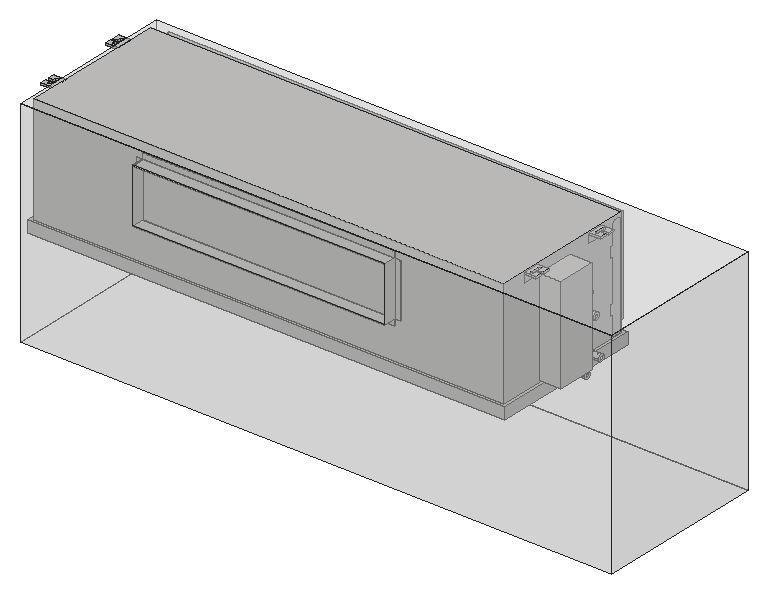
Revit family "outputfile", category 機械設備, Revit 2024
Family settings
  丸型コネクタ寸法 = 半径を使用
  パーツ タイプ = 標準
  OmniClass 番号 = 23.75.10.24.21.27.27
  OmniClass タイトル = Split System Air Conditioning Units
  作業面ベース = いいえ
  常に垂直 = はい
  ロード時にボイドで切り取り = いいえ
  注釈の向きを維持 = いいえ
  共有 = いいえ
  部屋計算ポイント = はい
Parameters (values of type "FDMRN140AXVL9")
  Description = ""
  書き出し IFC クラス(タイプ) = "IfcUnitaryEquipmentType"
  定義済み IFC タイプ(タイプ) = "AIRCONDITIONINGUNIT"
  Cost = 0
  Type Comments = ""
  Keynote = ""
  Type Image = (empty or 0)
  Assembly Code = ""
  switch_frequency = yes
  lw_mountinghole = 19.5 mm  # constant formula
  lw_Supply Duct = 0 mm  # constant formula
  lh_controlbox = 44.5 mm  # constant formula
  lh_Supply Duct = 242.5 mm  # constant formula
  lh_Return Duct = 202.5 mm  # constant formula
  ld_mountinghole = 128.5 mm  # constant formula
  ld_controlbox = 176 mm  # constant formula
  l_powersupply = h_controlbox / 2  # 152 mm
  l_liquidpipe = 22 mm  # constant formula
  l_gaspipe = 39 mm  # constant formula
  l_drainpipe = 39 mm  # constant formula
  w_controlbox = 71 mm  # constant formula
  l_Supply Duct = 39 mm  # constant formula
  l_Return Duct = 40 mm  # constant formula
  h_controlbox = 304 mm  # constant formula
  d2 = 240.5 mm  # constant formula
  connector_voltage = 230 V
  connector_powerinput = [Power Input (Cooling)]  # 6.590 kW
  connector_phase = 1
  d_controlbox = 119.5 mm  # constant formula
  W2 = if(Width = 1569 mm, 1509 mm, 1309 mm)  # 1509 mm
  W1 = if(Width = 1569 mm, 743.5 mm, 643.5 mm)  # 743.5 mm
  W = if(Width = 1569 mm, 754.5 mm, 654.5 mm)  # 754.5 mm
  Voltage_comment_60Hz = "220"
  Voltage_60Hz = 220 V
  URL = ""
  Supply Air Direction [instance] = yes
  製造元 = "Daikin"
  モデル = "FDMRN140AXVL9"
  r_Liquid Pipe Size = Liquid Pipe Size / 2  # 4.75 mm
  r_Gas Pipe Size = Gas Pipe Size / 2  # 9.55 mm
  r_Drain Pipe Size = Drain Pipe Size / 2  # 9.5 mm
  lw_powersupply = C - W1 + 40 mm  # 783.5 mm
  lw_Return Duct = 0 mm  # constant formula
  ld_powersupply = 73 mm  # constant formula
  Sound Power Level_H speed (dB) = 0
  Phase_60Hz = 1
  Minimum External Static Pressure = 0.00 Pa
  Minimum Circuit Amps_60Hz = 0.0 A
  Maximum Fuse Amps_60Hz = 0.0 A
  Maximum External Static Pressure = 0.00 Pa
  Material_Casing = DAIKIN_GalvanizedSteel_Casing_indoorunit
  lw_liquidpipe = C - W1 + l_liquidpipe  # 765.5 mm
  lw_gaspipe = C - W1 + l_gaspipe  # 782.5 mm
  lw_mountinghole_pitch = if(Width = 1569 mm, 1526 mm, 1326 mm)  # 1526 mm
  lw_drainpipe = C - W1 + l_drainpipe  # 782.5 mm
  lh_powersupply = lh_controlbox + h_controlbox / 2  # 196.5 mm
  lh_liquidpipe = 220 mm  # constant formula
  lh_gaspipe = 160 mm  # constant formula
  lh_mountinghole = 376 mm  # constant formula
  lh_drainpipe = 33 mm  # constant formula
  l_antena = Height + 1 mm - lh_mountinghole  # 3 mm
  ld_liquidpipe = 85 mm  # constant formula
  ld_gaspipe = 85 mm  # constant formula
  ld_mountinghole_pitch = 256 mm  # constant formula
  ld_drainpipe = 105 mm  # constant formula
  h*** = 0 mm  # constant formula
  Width = 1569 mm
  Version = "ver.1.0"
  Unit Type = "Duct"
  Unit Mass Weight = 56.00 kg
  Unit Designation [instance] = ""
  Uniclass2015Version = "Products v1.30"
  Uniclass2015Title = "Split coil room air conditioning units"
  Uniclass2015Code = "Pr_70_65_03_86"
  Total Cooling Capacity [instance] = 0.000 kW
  Sound Pressure Level_M speed (dBA) = 50
  Sound Pressure Level_L speed (dBA) = 47
  Sound Pressure Level_H speed (dBA) = 52
  Series = "SkyAir_Fan Coil Unit"
  Sensible Cooling Capacity [instance] = 0.000 kW
  SA Duct Size Width = 797 mm
  SA Duct Size Height = 173 mm
  Refrigerant Type = "R410A"
  RA Duct Size Width = 1436 mm
  RA Duct Size Height = 306 mm
  Power Input (Cooling) = 6.590 kW
  Option Accessory 3 [instance] = ""
  Option Accessory 2 [instance] = ""
  Option Accessory 1 [instance] = ""
  Nominal Cooling Capacity = 16.410 kW
  Minimum Airflow = 2005.00 m³/h
  Median Airflow = 2260.00 m³/h
  Maximum Airflow = 2684.00 m³/h
  Load Classification = HVAC
  Liquid Pipe Size = 9.5 mm
  Link_Nested Family [instance] = ""
  Liquid Pipe_r1 = 4.675 mm  # constant formula
  Liquid Pipe_r = 6.5 mm  # constant formula
  J = 462 mm  # constant formula
  IfcVersion = ""
  IfcExportType = "AIRCONDITIONINGUNIT"
  IfcExportAs = "IfcUnitaryEquipmentType"
  Height = 378 mm
  Heat Exchanger Type = "Cross Fin Coil"
  Gas Pipe Size = 19.1 mm
  Frequency_60Hz = 60 Hz
  Fan Type = "Sirocco Fan"
  Fan Drive = "-"
  FCU Tag No. [instance] = ""
  Drain Pipe Size = 19.0 mm
  Design Supply Airflow [instance] = 0.00 m³/h
  Design Return Airflow [instance] = 0.00 m³/h
  Design External Static Pressure [instance] = 0.00 Pa
  Depth = 541 mm
  既定の高さ = 0 mm
  d1 = 231.5 mm  # constant formula
  D2 = 484 mm  # constant formula
  Cooling Entering Wet Bulb Temperature [instance] = 0.00 °C
  Cooling Entering Dry Bulb Temperature [instance] = 0.00 °C
  Cooling Ambient Wet Bulb Temperature [instance] = 0.00 °C
  Cooling Ambient Dry Bulb Temperature [instance] = 0.00 °C
  Clearance visibility [instance] = yes
  Clearance Top = 0 mm
  Clearance Right = 300 mm
  Clearance Rear = 0 mm
  Clearance Left = 0 mm
  Clearance Front = 0 mm
  Clearance Bottom = 300 mm
  C = if(Width = 1569 mm, 1487 mm, 1287 mm)  # 1487 mm
  A = 36 mm  # constant formula
Reference planes
  plane 1 "Center (Front/Back)": y = 0
  plane 2: z = 0
  plane 3 "Center (Left/Right)": x = 0
  plane 4 "Back": y = 270.5
  plane 5 "Front": y = -270.5
  plane 6 "Left": x = -754.5
  plane 7 "Right": x = 814.5
  plane 8 "Top": z = 0
  plane 9 "Bottom": z = -378
  plane 10 "lh_liquidpipe": z = -158
  plane 11 "lh_gaspipe": z = -218
  plane 12 "lw_mountinghole": x = -763
  plane 13 "lw_mountinghole3": x = 763
  plane 14 "lw_liquidpipe": x = 765.5
  plane 15 "lw_gaspipe": x = 782.5
  plane 16 "lh_mountinghole": z = -2
  plane 17 "Clearance Left": x = -754.5
  plane 18 "Clearance Right": x = 1114.5
  plane 19 "Clearance Rear": y = 270.5
  plane 20 "Clearance Front": y = -270.5
  plane 21 "Clearance Bottom": z = -678
  plane 22 "lh_drainpipe": z = -345
  plane 23 "ld_gaspipe": y = 85
  plane 24 "ld_liquidpipe": y = 85
  plane 25 "ld_drainpipe": y = 105
  plane 26 "lw_drainpipe": x = 782.5
  plane 27 "ld_mountinghole1": y = 127.5
  plane 28 "ld_mountinghole": y = -128.5
  plane 29 "Clearance Top": z = 0
  plane 30 "lh_powersupply": z = -181.5
  plane 31 "ld_powersupply": y = -73
  plane 32 "箱_L": x = -743.5
  plane 33 "箱_R": x = 743.5
  plane 34 "箱_F": y = -231.5
  plane 35 "箱_後": y = 230.5
  plane 36 "A": z = -342
  plane 37: x = 754.5
  plane 38: y = -240.5
  plane 39: y = 243.5
  plane 40: y = 25
  plane 41: y = -94.5
  plane 42 "lh_box": z = -333.5
  plane 43 "lh_box1": z = -29.5
  plane 44 "l-box": x = 814.5
  plane 45 "lw_Supply Duct": x = 0
  plane 46 "lw_Return Duct": x = 0
  plane 47 "lh_Supply Duct": z = -135.5
  plane 48 "lh_Return Duct": z = -175.5
  plane 49 "lw_powersupply": x = 783.5
Forms (mm)
  Extrusion 1, solid, material "DAIKIN_GalvanizedSteel_Casing_indoorunit" <- "Material_Casing"
    sketch origin (0, 0, -342) x (-1, 0, 0) y (0, -1, 0)
      loop
        line (743.5, -230.5) -> (743.5, 231.5) -> (-743.5, 231.5) -> (-743.5, -230.5) -> (743.5, -230.5)
    from 0 to 342
  Extrusion 2, solid, material "DAIKIN_GalvanizedSteel_Casing_indoorunit" <- "Material_Casing"
    sketch origin (0, 0, -378) x (-1, 0, 0) y (0, -1, 0)
      loop
        line (754.5, -243.5) -> (754.5, 240.5) -> (-754.5, 240.5) -> (-754.5, -243.5) -> (754.5, -243.5)
    from 0 to 36
  Extrusion 3, solid, material "DAIKIN_GalvanizedSteel_Casing_indoorunit" <- "Material_Casing"
    sketch origin (0, 0, -333.5) x (-1, 0, 0) y (0, -1, 0)
      loop
        line (-743.5, -25) -> (-743.5, 94.5) -> (-814.5, 94.5) -> (-814.5, -25) -> (-743.5, -25)
    from 0 to 304
  Extrusion 4, solid, material "DAIKIN_GalvanizedSteel_Casing_indoorunit"
    sketch origin (743.5, 1296.25, 1200) x (0, 1, 0) y (0, 0, 1)
      loop
        circle (-1191.25, -1545) r 9.5
      loop
        circle (-1191.25, -1545) r 6.5
    from 0 to 39 <- "l_drainpipe"
  Extrusion 5, solid, material "DAIKIN_GalvanizedSteel_Casing_indoorunit" <- "Material_Casing"
    sketch origin (743.5, 1296.25, 1200) x (0, 1, 0) y (0, 0, 1)
      loop
        circle (-1211.25, -1418) r 9.95
      loop
        circle (-1211.25, -1418) r 6.35
    from 0 to 39 <- "l_gaspipe"
  Extrusion 6, solid, material "DAIKIN_GalvanizedSteel_Casing_indoorunit" <- "Material_Casing"
    sketch origin (743.5, 1296.25, 1200) x (0, 1, 0) y (0, 0, 1)
      loop
        circle (-1211.25, -1358) r 6.5
      loop
        circle (-1211.25, -1358) r 4.675
    from 0 to 22 <- "l_liquidpipe"
  Extrusion 7, solid, material "DAIKIN_GalvanizedSteel_Casing_indoorunit" <- "Material_Casing"
    sketch origin (743.5, 1296.25, 1200) x (0, 1, 0) y (0, 0, 1)
      loop
        arc (-1231.25, -1418) -> (-1211.25, -1438) -> (-1191.25, -1418) r 20
        line (-1191.25, -1418) -> (-1191.25, -1358)
        arc (-1191.25, -1358) -> (-1211.25, -1338) -> (-1231.25, -1358) r 20
        line (-1231.25, -1358) -> (-1231.25, -1418)
    from 0 to 0.8
  Extrusion 8, solid, material "DAIKIN_GalvanizedSteel_Casing_indoorunit" <- "Material_Casing"
    sketch origin (743.5, 1296.25, 1200) x (0, 1, 0) y (0, 0, 1)
      loop
        arc (-1089.75, -1211.5) -> (-1096.822, -1214.429) -> (-1099.75, -1221.5) r 10
        line (-1099.75, -1221.5) -> (-1099.75, -1281.5) -> (-1106.75, -1281.5) -> (-1106.75, -1311.5) -> (-1099.75, -1311.5) -> (-1099.75, -1446.5) -> (-1106.75, -1446.5) -> (-1106.75, -1476.5) -> (-1099.75, -1476.5) -> (-1099.75, -1530.5)
        arc (-1099.75, -1530.5) -> (-1096.822, -1537.571) -> (-1089.75, -1540.5) r 10
        line (-1089.75, -1540.5) -> (-1079.75, -1540.5)
        arc (-1079.75, -1540.5) -> (-1072.679, -1537.571) -> (-1069.75, -1530.5) r 10
        line (-1069.75, -1530.5) -> (-1069.75, -1221.5)
        arc (-1069.75, -1221.5) -> (-1072.679, -1214.429) -> (-1079.75, -1211.5) r 10
        line (-1079.75, -1211.5) -> (-1089.75, -1211.5)
    from 0 to 0.8
  Extrusion 9, solid, material "DAIKIN_GalvanizedSteel_Casing_indoorunit" <- "Material_Casing"
    sketch origin (743.5, 1296.25, 1200) x (0, 1, 0) y (0, 0, 1)
      loop
        circle (-1251.25, -1567) r 9.5
      loop
        circle (-1251.25, -1567) r 6.5
    from 0 to 42
Cuts and joins
  joined: Extrusion 2, Extrusion 9
Dimensions and locks
  "Height": plane 8 "Top" to plane 9 "Bottom"
  "lw_mountinghole_pitch": plane 12 "lw_mountinghole" to plane 13 "lw_mountinghole3"
  "lh_liquidpipe": plane 10 "lh_liquidpipe" to plane 9 "Bottom"
  "lh_gaspipe": plane 11 "lh_gaspipe" to plane 9 "Bottom"
  "lh_mountinghole": plane 16 "lh_mountinghole" to plane 9 "Bottom"
  "Width": plane 6 "Left" to plane 7 "Right"
  "Clearance Right": plane 7 "Right" to plane 18 "Clearance Right"
  "Clearance Left": plane 17 "Clearance Left" to plane 6 "Left"
  "Clearance Rear": plane 19 "Clearance Rear" to plane 4 "Back"
  "Clearance Front": plane 5 "Front" to plane 20 "Clearance Front"
  "Depth": plane 4 "Back" to plane 5 "Front"
  equal spacing: plane 4 "Back", plane 1 "Center (Front/Back)", plane 5 "Front"
  "ld_mountinghole_pitch": plane 27 "ld_mountinghole1" to plane 28 "ld_mountinghole"
  "lw_liquidpipe": plane 3 "Center (Left/Right)" to plane 14 "lw_liquidpipe"
  "lw_gaspipe": plane 3 "Center (Left/Right)" to plane 15 "lw_gaspipe"
  "lw_drainpipe": plane 3 "Center (Left/Right)" to plane 26 "lw_drainpipe"
  "lh_drainpipe": plane 22 "lh_drainpipe" to plane 9 "Bottom"
  "Clearance Top": plane 29 "Clearance Top" to plane 8 "Top"
  "Clearance Bottom": plane 9 "Bottom" to plane 21 "Clearance Bottom"
  "lh_powersupply": plane 30 "lh_powersupply" to plane 9 "Bottom"
  "lw_mountinghole": plane 12 "lw_mountinghole" to plane 32 "箱_L"
  "W": plane 6 "Left" to plane 3 "Center (Left/Right)"
  "W1": plane 32 "箱_L" to plane 3 "Center (Left/Right)"
  "C": plane 32 "箱_L" to plane 33 "箱_R"
  "d1": plane 34 "箱_F" to plane 1 "Center (Front/Back)"
  "J": plane 35 "箱_後" to plane 34 "箱_F"
  "A": plane 36 "A" to plane 9 "Bottom"
  "D2": plane 39 to plane 38
  "W2": plane 6 "Left" to plane 37
  "d2": plane 1 "Center (Front/Back)" to plane 38
  "d_controlbox": plane 40 to plane 41
  "ld_controlbox": plane 41 to plane 5 "Front"
  "h_controlbox": plane 43 "lh_box1" to plane 42 "lh_box"
  "lh_controlbox": plane 42 "lh_box" to plane 9 "Bottom"
  "ld_drainpipe": plane 25 "ld_drainpipe" to plane 1 "Center (Front/Back)"
  "ld_gaspipe": plane 23 "ld_gaspipe" to plane 1 "Center (Front/Back)"
  "ld_liquidpipe": plane 1 "Center (Front/Back)" to plane 24 "ld_liquidpipe"
  plane 1 "Center (Front/Back)" to Extrusion 7 sketch curve to Extrusion 7 sketch curve = 65 mm locked, 40 mm locked
  Extrusion 7 sketch curve to Extrusion 7 sketch curve to plane 9 "Bottom" = 60 mm locked, 160 mm locked
  locked: Extrusion 8 sketch curve to Extrusion 8 sketch curve at 30  (x2)
  locked: Extrusion 8 sketch curve to Extrusion 8 sketch curve at 64
  locked: Extrusion 8 sketch curve to Extrusion 8 sketch curve at 70
  locked: Extrusion 8 sketch curve to Extrusion 8 sketch curve at 329
  Extrusion 8 sketch curve to Extrusion 8 sketch curve to Extrusion 8 sketch curve = 7 mm locked, 30 mm locked
  locked: Extrusion 8 sketch curve to plane 35 "箱_後" at 4
  locked: Extrusion 8 sketch curve to plane 9 "Bottom" at 37.5
  "w_controlbox": plane 33 "箱_R" to plane 44 "l-box"
  "h***": plane 8 "Top" to plane 2
  "ld_mountinghole": plane 28 "ld_mountinghole" to plane 1 "Center (Front/Back)"
  "lw_Supply Duct": plane 46 "lw_Return Duct" to plane 3 "Center (Left/Right)"
  "lw_Return Duct": plane 45 "lw_Supply Duct" to plane 3 "Center (Left/Right)"
  "lh_Supply Duct": plane 47 "lh_Supply Duct" to plane 9 "Bottom"
  "lh_Return Duct": plane 48 "lh_Return Duct" to plane 9 "Bottom"
  "ld_powersupply": plane 1 "Center (Front/Back)" to plane 31 "ld_powersupply"
  locked: plane 1 "Center (Front/Back)" to Extrusion 9 sketch curve at 45  (x2)
  locked: Extrusion 9 sketch curve to plane 9 "Bottom" at 11  (x2)
  "lw_powersupply": plane 3 "Center (Left/Right)" to plane 49 "lw_powersupply"
  "Liquid Pipe_r": radius of Extrusion 6 sketch curve
  "Liquid Pipe_r1": radius of Extrusion 6 sketch curve
  radius of Extrusion 8 sketch curve = 10 mm  (x4)
  aligned and locked: level to plane 2
  aligned and locked: plane 19 "Clearance Rear" to nested 1
  aligned and locked: plane 18 "Clearance Right" to nested 1
  aligned and locked: plane 17 "Clearance Left" to nested 1
  aligned and locked: nested 1 to plane 20 "Clearance Front"
  aligned and locked: plane 29 "Clearance Top" to nested 1
  aligned and locked: nested 1 to plane 21 "Clearance Bottom"
  aligned and locked: plane 32 "箱_L" to Extrusion 1 sketch curve
  aligned and locked: Extrusion 1 sketch curve to plane 33 "箱_R"
  aligned and locked: plane 34 "箱_F" to Extrusion 1 sketch curve
  aligned and locked: Extrusion 1 sketch curve to plane 35 "箱_後"
  aligned and locked: Extrusion 1 to plane 36 "A"
  aligned and locked: plane 8 "Top" to Extrusion 1
  aligned and locked: plane 6 "Left" to Extrusion 2 sketch curve
  aligned and locked: Extrusion 2 sketch curve to plane 37
  aligned and locked: Extrusion 2 sketch curve to plane 39
  aligned and locked: plane 38 to Extrusion 2 sketch curve
  aligned and locked: Extrusion 2 to plane 9 "Bottom"
  aligned and locked: plane 36 "A" to Extrusion 2
  aligned and locked: plane 12 "lw_mountinghole" to nested 3
  aligned and locked: plane 12 "lw_mountinghole" to nested 2
  aligned and locked: nested 4 to plane 13 "lw_mountinghole3"
  aligned and locked: nested 5 to plane 13 "lw_mountinghole3"
  aligned and locked: plane 27 "ld_mountinghole1" to nested 5
  aligned and locked: nested 2 to plane 27 "ld_mountinghole1"
  aligned and locked: plane 28 "ld_mountinghole" to nested 4
  aligned and locked: nested 3 to plane 28 "ld_mountinghole"
  aligned and locked: plane 33 "箱_R" to Extrusion 3 sketch curve
  aligned and locked: Extrusion 3 sketch curve to plane 41
  aligned and locked: Extrusion 3 sketch curve to plane 40
  aligned and locked: Extrusion 3 to plane 42 "lh_box"
  aligned and locked: plane 43 "lh_box1" to Extrusion 3
  aligned and locked: plane 16 "lh_mountinghole" to nested 4
  aligned and locked: plane 16 "lh_mountinghole" to nested 5
  aligned and locked: plane 16 "lh_mountinghole" to nested 3
  aligned and locked: plane 16 "lh_mountinghole" to nested 2
  aligned and locked: plane 22 "lh_drainpipe" to Extrusion 4 sketch curve  (x2)
  aligned and locked: Extrusion 4 sketch curve to plane 25 "ld_drainpipe"  (x2)
  aligned and locked: Extrusion 5 sketch curve to plane 11 "lh_gaspipe"  (x2)
  aligned and locked: Extrusion 5 sketch curve to plane 23 "ld_gaspipe"  (x2)
  aligned and locked: Extrusion 5 to plane 33 "箱_R"
  aligned and locked: Extrusion 6 sketch curve to plane 10 "lh_liquidpipe"  (x2)
  aligned and locked: Extrusion 6 sketch curve to plane 24 "ld_liquidpipe"  (x2)
  aligned and locked: plane 3 "Center (Left/Right)" to nested 6
  aligned and locked: nested 6 to plane 34 "箱_F"
  aligned and locked: plane 9 "Bottom" to nested 6
  aligned and locked: plane 3 "Center (Left/Right)" to nested 7
  aligned and locked: nested 7 to plane 35 "箱_後"
  aligned and locked: plane 9 "Bottom" to nested 7
  aligned and locked: Extrusion 8 sketch curve to Extrusion 8 sketch curve  (x3)
  aligned and locked: Extrusion 3 sketch curve to plane 44 "l-box"
  aligned and locked: nested 8 to plane 34 "箱_F"
  aligned and locked: plane 45 "lw_Supply Duct" to nested 8
  aligned and locked: plane 47 "lh_Supply Duct" to nested 8
  aligned and locked: plane 35 "箱_後" to nested 9
  aligned and locked: nested 9 to plane 46 "lw_Return Duct"
  aligned and locked: plane 24 "ld_liquidpipe" to nested 10
  aligned and locked: plane 3 "Center (Left/Right)" to nested 10
  aligned and locked: plane 3 "Center (Left/Right)" to nested 11
  aligned and locked: plane 23 "ld_gaspipe" to nested 11
  aligned and locked: plane 3 "Center (Left/Right)" to nested 12
  aligned and locked: plane 25 "ld_drainpipe" to nested 12
  aligned and locked: nested 13 to plane 28 "ld_mountinghole"
  aligned and locked: nested 14 to plane 28 "ld_mountinghole"
  aligned and locked: nested 16 to plane 27 "ld_mountinghole1"
  aligned and locked: nested 15 to plane 27 "ld_mountinghole1"
  aligned and locked: plane 12 "lw_mountinghole" to nested 13
  aligned and locked: plane 12 "lw_mountinghole" to nested 15
  aligned and locked: plane 13 "lw_mountinghole3" to nested 14
  aligned and locked: plane 13 "lw_mountinghole3" to nested 16
  aligned and locked: plane 3 "Center (Left/Right)" to nested 17
  aligned and locked: nested 18 to plane 31 "ld_powersupply"
  aligned and locked: plane 49 "lw_powersupply" to nested 18
Automatic sketch dimensions
  radius of Extrusion 5 sketch curve = 9.95 mm
  radius of Extrusion 5 sketch curve = 6.35 mm
  radius of Extrusion 4 sketch curve = 9.5 mm
  radius of Extrusion 4 sketch curve = 6.5 mm
  radius of Extrusion 9 sketch curve = 9.5 mm
  radius of Extrusion 9 sketch curve = 6.5 mm
Nested families
  nested 1: "daikin_clearancespace" at (180, 0, -338.881), visible <- "Clearance visibility", show <- "Clearance visibility", Link_Nested Family <- "Link_Nested Family", type "daikin_clearancespace"
    with width 1869 mm, show yes, height 678 mm, depth 541 mm, Link_Nested Family ""
  nested 2: "daikin_hangerfixture_FDMRN-AXVL9" at (-763, 127.5, -2), type "daikin_hangerfixture_FDMRN-AXVL9"
    with width 1569 mm
  nested 3: "daikin_hangerfixture_FDMRN-AXVL9" at (-763, -128.5, -2), type "daikin_hangerfixture_FDMRN-AXVL9"
    with width 1569 mm
  nested 4: "daikin_hangerfixture_FDMRN-AXVL9" at (763, -128.5, -2) x (-1, 0, 0) z (0, 0, 1), type "daikin_hangerfixture_FDMRN-AXVL9"
    with width 1569 mm
  nested 5: "daikin_hangerfixture_FDMRN-AXVL9" at (763, 127.5, -2) x (-1, 0, 0) z (0, 0, 1), type "daikin_hangerfixture_FDMRN-AXVL9"
    with width 1569 mm
  nested 6: "daikin_Supply Ductflange_FDMRN-AXVL9" at (0, -231.5, -567.401), material <- "Material_Casing", type "daikin_Supply Ductflange_FDMRN-AXVL9"
    with material DAIKIN_GalvanizedSteel_Casing_indoorunit, W1 743.5 mm, C 1487 mm, 71/100 yes, 50/60 no
  nested 7: "daikin_Return Ductflange_FDMRN-AXVL9" at (0, 230.5, -567.401), material <- "Material_Casing", type "daikin_Return Ductflange_FDMRN-AXVL9"
    with material DAIKIN_GalvanizedSteel_Casing_indoorunit, W1 743.5 mm, C 1487 mm, 71/100 yes, 50/60 no
  nested 8: "daikin_connector_rotate2" at (0, -231.5, -135.5), length <- "l_Supply Duct", type "daikin_connector_rotate2"
    with radius 10 mm, length 39 mm, angle_vertical 90.00°, show_face no
  nested 9: "daikin_connector_rotate2" at (0, 230.5, -175.5) x (-1, 0, 0) z (0, 0, 1), length <- "l_Return Duct", type "daikin_connector_rotate2"
    with radius 10 mm, length 40 mm, angle_vertical 90.00°, show_face no
  nested 10: "daikin_connector_rotate2" at (0, 85, -158) x (0, 1, 0) z (0, 0, 1), radius <- "r_Liquid Pipe Size", length <- "lw_liquidpipe", type "daikin_connector_rotate2"
    with radius 4.75 mm, length 765.5 mm, angle_vertical 90.00°, show_face no
  nested 11: "daikin_connector_rotate2" at (0, 85, -218) x (0, 1, 0) z (0, 0, 1), length <- "lw_gaspipe", radius <- "r_Gas Pipe Size", type "daikin_connector_rotate2"
    with radius 9.55 mm, length 782.5 mm, angle_vertical 90.00°, show_face no
  nested 12: "daikin_connector_rotate2" at (0, 105, -345) x (0, 1, 0) z (0, 0, 1), length <- "lw_drainpipe", radius <- "r_Drain Pipe Size", type "daikin_connector_rotate2"
    with radius 9.5 mm, length 782.5 mm, angle_vertical 90.00°, show_face no
  nested 13: "daikin_mountinghole" at (-763, -128.5, -378), Link_Nested Family <- "Link_Nested Family", h_mountinghole <- "lh_mountinghole", l_antenna <- "l_antena", type "daikin_mountinghole"
    with show yes, l_antenna 3 mm, h_mountinghole 376 mm, Link_Nested Family ""
  nested 14: "daikin_mountinghole" at (763, -128.5, -378), Link_Nested Family <- "Link_Nested Family", h_mountinghole <- "lh_mountinghole", l_antenna <- "l_antena", type "daikin_mountinghole"
    with show yes, l_antenna 3 mm, h_mountinghole 376 mm, Link_Nested Family ""
  nested 15: "daikin_mountinghole" at (-763, 127.5, -378), Link_Nested Family <- "Link_Nested Family", h_mountinghole <- "lh_mountinghole", l_antenna <- "l_antena", type "daikin_mountinghole"
    with show yes, l_antenna 3 mm, h_mountinghole 376 mm, Link_Nested Family ""
  nested 16: "daikin_mountinghole" at (763, 127.5, -378), Link_Nested Family <- "Link_Nested Family", h_mountinghole <- "lh_mountinghole", l_antenna <- "l_antena", type "daikin_mountinghole"
    with show yes, l_antenna 3 mm, h_mountinghole 376 mm, Link_Nested Family ""
  nested 17: "daikin_△_symbolicline" at (0, 0, 378) x (-1, 0, 0) z (0, 0, 1), built-in parameter 1001364 <- "Height", visible <- "Supply Air Direction", type "daikin_△_symbolicline"
    with length 200 mm
  nested 18: "daikin_connector_rotate2" at (783.5, -73, -181.5), length <- "l_powersupply", type "daikin_connector_rotate2"
    with radius 10 mm, length 152 mm, angle_vertical 180.00°, show_face no
Connectors
  hvac at (0, -270.5, -135.5), driven by "SA Duct Size Height", driven by "SA Duct Size Width"
    settings: on nested 8, index 1, duct flow 0.00 m³/h, flow factor 0, pres drop 0.00 Pa, loss coef 0, conn angle 0.00°, conn width 797.0 mm, conn height 173.0 mm, conn diameter 609.6 mm, duct sys type 1, conn prof type 1, flow config 0, flow direction 2, loss method 4, conn ref index -1, conn util no, is conn primary yes, conn desc "SA Duct"
  hvac at (0, 270.5, -175.5), driven by "RA Duct Size Height", driven by "RA Duct Size Width"
    settings: on nested 9, index 2, duct flow 0.00 m³/h, flow factor 0, pres drop 0.00 Pa, loss coef 0, conn angle 0.00°, conn width 1436.0 mm, conn height 306.0 mm, conn diameter 609.6 mm, duct sys type 2, conn prof type 1, flow config 0, flow direction 1, loss method 4, conn ref index -1, conn util no, is conn primary no, conn desc "RA Duct"
  piping at (765.5, 85, -158), diameter 9.5, driven by "r_Liquid Pipe Size"
    settings: on Extrusion 6, index 3, connector inside diameter 609.6 mm, connector length 0 mm, flow factor 0, pipe flow 0.00 m³/h, pressure drop 0.0 Pa, fitting loss kfactor 0, connector angle 0.00°, fixture units 0, engagement length 0 mm, angle of deflection 0.00°, flow configuration 1, flow direction 1, fitting loss method 0, system type 29, joint type 0, gender type 0, connector reference index -1, connector utility 0, adjustable connector no, is connector primary yes, connector description "Refrigerant Liquid Piping"
  piping at (782.5, 85, -218), diameter 19.1, driven by "r_Gas Pipe Size"
    settings: on nested 11, index 4, connector inside diameter 609.6 mm, connector length 0 mm, flow factor 0, pipe flow 0.00 m³/h, pressure drop 0.0 Pa, fitting loss kfactor 0, connector angle 0.00°, fixture units 0, engagement length 0 mm, angle of deflection 0.00°, flow configuration 1, flow direction 2, fitting loss method 0, system type 29, joint type 0, gender type 0, connector reference index -1, connector utility 0, adjustable connector no, is connector primary no, connector description "Refrigerant Gas Piping"
  piping at (782.5, 105, -345), diameter 19, driven by "r_Drain Pipe Size"
    settings: on nested 12, index 5, connector inside diameter 609.6 mm, connector length 0 mm, flow factor 0, pipe flow 0.00 m³/h, pressure drop 0.0 Pa, fitting loss kfactor 0, connector angle 0.00°, fixture units 0, engagement length 0 mm, angle of deflection 0.00°, flow configuration 1, flow direction 2, fitting loss method 4, system type 16, joint type 0, gender type 0, connector reference index -1, connector utility 0, adjustable connector no, is connector primary no, connector description "Condensate Drain Piping"
  electrical at (783.5, -73, -29.5), driven by "connector_phase", driven by "Load Classification", driven by "connector_voltage", driven by "connector_powerinput"
    settings: on nested 18, index 8, voltage 230 V, apparent load 6590 VA, apparent load phase1 0 VA, apparent load phase2 0 VA, apparent load phase3 0 VA, power factor 1, load classification "HVAC", number of poles 1, system type 30, power factor state 1, is connector primary yes, connector utility no, sub classification motor no, connector description "Power Supply"
Definition of nested family "daikin_clearancespace"
  Parameters (values of type "daikin_clearancespace")
    Description = "daikin_clearancespace"
    width [instance] = 1823.963 mm
    show [instance] = yes
    material = none
    height [instance] = 1359.762 mm
    depth [instance] = 880 mm
    Default Elevation = 0 mm
    Link_Nested Family [instance] = ""
  Reference planes
    plane 1 "Center (Front/Back)": y = 0
    plane 2 "Center (Elevation)": z = -0.119
    plane 3 "Center (Left/Right)": x = 0
    plane 4: y = 440
    plane 5: y = -440
    plane 6 "Right": x = 911.982
    plane 7 "Left": x = -911.982
    plane 8 "Top": z = 679.762
    plane 9 "Bottom": z = -680
  Forms (mm)
    Extrusion 1, solid, material <- "material", visible <- "show"
      sketch origin (0, 0, 0) x (1, 0, 0) y (0, 1, 0)
        loop
          line (-911.982, 440) -> (-911.982, -440) -> (911.982, -440) -> (911.982, 440) -> (-911.982, 440)
      from -680 to 679.762
  Lines and regions (mm)
    symbolic lines, visible <- "show"
      curve 1: line (911.982, 440, 0) -> (-911.982, 440, 0)
      curve 2: line (-911.982, 440, 0) -> (-911.982, -440, 0)
      curve 3: line (-911.982, -440, 0) -> (911.982, -440, 0)
      curve 4: line (911.982, -440, 0) -> (911.982, 440, 0)
      curve 5: line (911.982, 0, 679.762) -> (-911.982, 0, 679.762)
      curve 6: line (911.982, 0, -680) -> (911.982, 0, 679.762)
      curve 7: line (-911.982, 0, -680) -> (911.982, 0, -680)
      curve 8: line (-911.982, 0, 679.762) -> (-911.982, 0, -680)
      curve 9: line (0, 440, 679.762) -> (0, -440, 679.762)
      curve 10: line (0, -440, 679.762) -> (0, -440, -680)
      curve 11: line (0, 440, -680) -> (0, 440, 679.762)
      curve 12: line (0, -440, -680) -> (0, 440, -680)
  Dimensions and locks
    "width": plane 7 "Left" to plane 6 "Right"
    "depth": plane 4 to plane 5
    "height": plane 8 "Top" to plane 9 "Bottom"
    equal spacing: plane 7 "Left", plane 3 "Center (Left/Right)", plane 6 "Right"
    equal spacing: plane 4, plane 1 "Center (Front/Back)", plane 5
    equal spacing: plane 8 "Top", plane 2 "Center (Elevation)", plane 9 "Bottom"
    aligned and locked: level to plane 2 "Center (Elevation)"
    aligned and locked: Extrusion 1 sketch curve to plane 4
    aligned and locked: plane 7 "Left" to Extrusion 1 sketch curve
    aligned and locked: Extrusion 1 sketch curve to plane 5
    aligned and locked: Extrusion 1 sketch curve to plane 6 "Right"
    aligned and locked: plane 8 "Top" to Extrusion 1
    aligned and locked: curve 1 to Extrusion 1
    aligned and locked: curve 2 to Extrusion 1
    aligned and locked: curve 3 to Extrusion 1
    aligned and locked: curve 4 to Extrusion 1
    aligned and locked: curve 5 to Extrusion 1
    aligned and locked: curve 6 to Extrusion 1
    aligned and locked: curve 7 to Extrusion 1
    aligned and locked: curve 8 to Extrusion 1
    aligned and locked: curve 9 to Extrusion 1
    aligned and locked: curve 10 to Extrusion 1
    aligned and locked: curve 11 to Extrusion 1
    aligned and locked: curve 12 to Extrusion 1
    aligned and locked: Extrusion 1 to plane 9 "Bottom"
Definition of nested family "daikin_hangerfixture_FDMRN-AXVL9"
  Parameters (values of type "daikin_hangerfixture_FDMFC-AV1M")
    width = 1065 mm
    material = none
    height = 65 mm
    depth = 700 mm
    Default Elevation = 0 mm
  Reference planes
    plane 1 "Center (Front/Back)": y = 0
    plane 2: z = 0
    plane 3 "Center (Left/Right)": x = 0
  Forms (mm)
    Extrusion 1, solid, material <- "material"
      sketch origin (0, 0, 0) x (1, 0, 0) y (0, 0, 1)
        loop
          line (-20, 0) -> (-20, -5) -> (17, -5) -> (17, -30) -> (19.5, -30) -> (19.5, 0) -> (-20, 0)
      from -25 to 25
    Extrusion 2, void
      sketch origin (0, 0, 0) x (1, 0, 0) y (0, 1, 0)
        loop
          line (-5, 5) -> (-20, 5) -> (-20, -5) -> (-5, -5) -> (-5, -13)
          arc (-5, -13) -> (0, -18) -> (5, -13) r 5
          line (5, -13) -> (5, 13)
          arc (5, 13) -> (0, 18) -> (-5, 13) r 5
          line (-5, 13) -> (-5, 5)
      from 0 to -5
  Cuts and joins
    Extrusion 2 cuts Extrusion 1
  Dimensions and locks
    locked: Extrusion 1 sketch curve to Extrusion 1 sketch curve at 5
    locked: Extrusion 1 sketch curve to Extrusion 1 sketch curve at 2.5
    locked: Extrusion 1 sketch curve to Extrusion 1 sketch curve at 30
    locked: Extrusion 1 sketch curve to Extrusion 1 sketch curve at 39.5
    Extrusion 1 sketch curve to plane 3 "Center (Left/Right)" = 17 mm
    locked: Extrusion 1 sketch curve to plane 3 "Center (Left/Right)" at 19.5
    Extrusion 2 sketch curve to plane 1 "Center (Front/Back)" to Extrusion 2 sketch curve = 13 mm locked, 13 mm locked
    equal spacing: Extrusion 2 sketch curve, plane 3 "Center (Left/Right)", Extrusion 2 sketch curve
    locked: Extrusion 2 sketch curve to Extrusion 2 sketch curve at 10  (x2)
    equal spacing: Extrusion 2 sketch curve, plane 1 "Center (Front/Back)", Extrusion 2 sketch curve
    aligned and locked: level to plane 2
    aligned and locked: Extrusion 1 sketch curve to plane 2
    aligned and locked: plane 3 "Center (Left/Right)" to Extrusion 2 sketch curve  (x2)
    aligned and locked: Extrusion 1 to Extrusion 2 sketch curve
Definition of nested family "daikin_Supply Ductflange_FDMRN-AXVL9"
  Parameters (values of type "daikin_ductflange_FDMRN-AXVL")
    material [instance] = none
    Default Elevation = 0 mm
    W1 = 521.5 mm
    C = 1002 mm
    71/100 = no
    50/60 = yes
  Reference planes
    plane 1 "Center (Front/Back)": y = 0
    plane 2: z = 189.401
    plane 3 "Center (Left/Right)": x = 0
    plane 4: x = -521.5
    plane 5: x = 480.5
  Forms (mm)
    Extrusion 1, solid, material <- "material", visible <- "71/100"
      sketch origin (0, 0, 0) x (1, 0, 0) y (0, 0, 1)
        loop
          line (-398.5, 518.401) -> (-398.5, 345.401) -> (398.5, 345.401) -> (398.5, 518.401) -> (-398.5, 518.401)
        loop
          line (-397.5, 346.401) -> (397.5, 346.401) -> (397.5, 517.401) -> (-397.5, 517.401) -> (-397.5, 346.401)
      from 0 to 39
    Extrusion 2, solid, material <- "material", visible <- "71/100"
      sketch origin (0, 0, 0) x (1, 0, 0) y (0, 0, 1)
        loop
          line (-397.5, 537.401) -> (-397.5, 518.401) -> (397.5, 518.401) -> (397.5, 537.401) -> (-397.5, 537.401)
        loop
          line (398.5, 517.401) -> (398.5, 346.401) -> (417.5, 346.401) -> (417.5, 517.401) -> (398.5, 517.401)
        loop
          line (-397.5, 345.401) -> (-397.5, 326.401) -> (397.5, 326.401) -> (397.5, 345.401) -> (-397.5, 345.401)
        loop
          line (-417.5, 517.401) -> (-417.5, 346.401) -> (-398.5, 346.401) -> (-398.5, 517.401) -> (-417.5, 517.401)
      from 0 to -1
    Extrusion 3, solid, material <- "material", visible <- "50/60"
      sketch origin (0, 0, 0) x (1, 0, 0) y (0, 0, 1)
        loop
          line (-501.5, 431.401) -> (-501.5, 220.401) -> (460.5, 220.401) -> (460.5, 431.401) -> (-501.5, 431.401)
        loop
          line (-500.5, 430.401) -> (-500.5, 221.401) -> (459.5, 221.401) -> (459.5, 430.401) -> (-500.5, 430.401)
      from 0 to 30
    Extrusion 4, solid, material <- "material", visible <- "50/60"
      sketch origin (0, 0, 0) x (1, 0, 0) y (0, 0, 1)
        loop
          line (-521.5, 220.401) -> (-501.5, 220.401) -> (-501.5, 431.401) -> (-521.5, 450.401) -> (-521.5, 220.401)
        loop
          line (480.5, 450.401) -> (460.5, 431.401) -> (460.5, 220.401) -> (480.5, 220.401) -> (480.5, 450.401)
      from 0 to -1
    Extrusion 5, solid, material <- "material", visible <- "50/60"
      sketch origin (0, 0, 0) x (1, 0, 0) y (0, 0, 1)
        loop
          line (460.5, 431.401) -> (480.5, 450.401) -> (-521.5, 450.401) -> (-501.5, 431.401) -> (460.5, 431.401)
      from 0 to -1
  Dimensions and locks
    equal spacing: Extrusion 1 sketch curve, plane 3 "Center (Left/Right)", Extrusion 1 sketch curve
    locked: Extrusion 1 sketch curve to Extrusion 1 sketch curve at 797
    locked: Extrusion 1 sketch curve to Extrusion 1 sketch curve at 173
    locked: Extrusion 1 sketch curve to plane 2 at 156
    locked: Extrusion 2 sketch curve to Extrusion 2 sketch curve at 19  (x4)
    "W1": plane 3 "Center (Left/Right)" to plane 4
    "C": plane 5 to plane 4
    Extrusion 3 sketch curve to Extrusion 3 sketch curve to plane 2 = 211 mm locked, 31 mm locked
    locked: Extrusion 3 sketch curve to plane 4 at 20
    locked: Extrusion 3 sketch curve to plane 5 at 20
    locked: Extrusion 3 sketch curve to Extrusion 3 sketch curve at 1  (x4)
    locked: Extrusion 5 sketch curve to Extrusion 5 sketch curve at 19
    locked: Extrusion 4 sketch curve to Extrusion 4 sketch curve (angle 133.531°)  (x2)
    aligned and locked: level to plane 2
    aligned and locked: Extrusion 2 sketch curve to Extrusion 2 sketch curve  (x4)
    aligned and locked: Extrusion 1 to Extrusion 2 sketch curve  (x7)
    aligned and locked: Extrusion 2 sketch curve to Extrusion 1
    aligned and locked: Extrusion 4 sketch curve to Extrusion 3  (x3)
    aligned and locked: plane 4 to Extrusion 4 sketch curve
    aligned and locked: Extrusion 4 sketch curve to plane 5
    aligned and locked: Extrusion 3 to Extrusion 4 sketch curve
    aligned and locked: Extrusion 5 sketch curve to Extrusion 3
    aligned and locked: Extrusion 5 sketch curve to Extrusion 4  (x2)
  Automatic sketch dimensions
    Extrusion 1 sketch curve to Extrusion 1 sketch curve = 1 mm  (x4)
    Extrusion 4 sketch curve to Extrusion 4 sketch curve = 211 mm  (x2)
Definition of nested family "daikin_Return Ductflange_FDMRN-AXVL9"
  Parameters (values of type "daikin_ductflange_FDMRN-AXVL1")
    material [instance] = none
    Default Elevation = 0 mm
    W1 = 521.5 mm
    C = 1002 mm
    71/100 = no
    50/60 = yes
  Reference planes
    plane 1 "Center (Front/Back)": y = 0
    plane 2: z = 189.401
    plane 3 "Center (Left/Right)": x = 0
    plane 4: x = -521.5
    plane 5: x = 480.5
  Forms (mm)
    Extrusion 1, solid, material <- "material", visible <- "71/100"
      sketch origin (0, 0, 0) x (1, 0, 0) y (0, 0, 1)
        loop
          line (-496, 544.901) -> (-496, 238.901) -> (455, 238.901) -> (455, 544.901) -> (-496, 544.901)
        loop
          line (-495, 239.901) -> (454, 239.901) -> (454, 543.901) -> (-495, 543.901) -> (-495, 239.901)
      from 0 to -40
    Extrusion 2, solid, material <- "material", visible <- "71/100"
      sketch origin (0, 0, 0) x (1, 0, 0) y (0, 0, 1)
        loop
          line (455, 238.901) -> (475, 238.901) -> (475, 563.901) -> (455, 544.901) -> (455, 238.901)
        loop
          line (-516, 238.901) -> (-496, 238.901) -> (-496, 544.901) -> (-516, 563.901) -> (-516, 238.901)
      from 0 to 1
    Extrusion 3, solid, material <- "material", visible <- "50/60"
      sketch origin (0, 0, 0) x (1, 0, 0) y (0, 0, 1)
        loop
          line (-501.5, 431.401) -> (-501.5, 220.401) -> (460.5, 220.401) -> (460.5, 431.401) -> (-501.5, 431.401)
        loop
          line (-500.5, 430.401) -> (-500.5, 221.401) -> (459.5, 221.401) -> (459.5, 430.401) -> (-500.5, 430.401)
      from 0 to -30
    Extrusion 4, solid, material <- "material", visible <- "50/60"
      sketch origin (0, 0, 0) x (1, 0, 0) y (0, 0, 1)
        loop
          line (-521.5, 220.401) -> (-501.5, 220.401) -> (-501.5, 431.401) -> (-521.5, 450.401) -> (-521.5, 220.401)
        loop
          line (480.5, 450.401) -> (460.5, 431.401) -> (460.5, 220.401) -> (480.5, 220.401) -> (480.5, 450.401)
      from 0 to 1
    Extrusion 5, solid, material <- "material", visible <- "50/60"
      sketch origin (0, 0, 0) x (1, 0, 0) y (0, 0, 1)
        loop
          line (460.5, 431.401) -> (480.5, 450.401) -> (-521.5, 450.401) -> (-501.5, 431.401) -> (460.5, 431.401)
      from 0 to 1
    Extrusion 6, solid, material <- "material", visible <- "71/100"
      sketch origin (0, 0, 0) x (1, 0, 0) y (0, 0, 1)
        loop
          line (455, 544.901) -> (475, 563.901) -> (-516, 563.901) -> (-496, 544.901) -> (455, 544.901)
      from 0 to 1
  Dimensions and locks
    locked: Extrusion 1 sketch curve to Extrusion 1 sketch curve at 306
    locked: Extrusion 1 sketch curve to plane 2 at 49.5
    locked: Extrusion 2 sketch curve to Extrusion 2 sketch curve at 20  (x2)
    "W1": plane 3 "Center (Left/Right)" to plane 4
    "C": plane 5 to plane 4
    Extrusion 3 sketch curve to Extrusion 3 sketch curve to plane 2 = 211 mm locked, 31 mm locked
    locked: Extrusion 3 sketch curve to plane 4 at 20
    locked: Extrusion 3 sketch curve to plane 5 at 20
    locked: Extrusion 3 sketch curve to Extrusion 3 sketch curve at 1  (x4)
    locked: Extrusion 5 sketch curve to Extrusion 5 sketch curve at 19
    locked: Extrusion 1 sketch curve to plane 4 at 25.5
    locked: Extrusion 1 sketch curve to plane 5 at 25.5
    locked: Extrusion 1 sketch curve to Extrusion 1 sketch curve at 1  (x4)
    locked: Extrusion 6 sketch curve to Extrusion 6 sketch curve at 19
    locked: Extrusion 4 sketch curve to Extrusion 4 sketch curve (angle 133.531°)  (x2)
    locked: Extrusion 2 sketch curve to Extrusion 2 sketch curve (angle 133.531°)  (x2)
    aligned and locked: level to plane 2
    aligned and locked: Extrusion 2 sketch curve to Extrusion 2 sketch curve
    aligned and locked: Extrusion 4 sketch curve to Extrusion 3  (x3)
    aligned and locked: plane 4 to Extrusion 4 sketch curve
    aligned and locked: Extrusion 4 sketch curve to plane 5
    aligned and locked: Extrusion 3 to Extrusion 4 sketch curve
    aligned and locked: Extrusion 5 sketch curve to Extrusion 3
    aligned and locked: Extrusion 5 sketch curve to Extrusion 4  (x2)
    aligned and locked: Extrusion 6 sketch curve to Extrusion 2  (x2)
  Automatic sketch dimensions
    Extrusion 4 sketch curve to Extrusion 4 sketch curve = 211 mm  (x2)
    plane 4 to Extrusion 2 sketch curve = 5.5 mm
    Extrusion 2 sketch curve to plane 5 = 25.5 mm
    Extrusion 2 sketch curve to Extrusion 2 sketch curve = 306 mm  (x2)
    level to Extrusion 2 sketch curve = 49.5 mm
    plane 4 to Extrusion 6 sketch curve = 5.5 mm
Definition of nested family "daikin_connector_rotate2"
  Parameters (values of type "daikin_connector_rotate2")
    Default Elevation = 1219.2 mm
    show_face = yes
    radius [instance] = 10 mm
    length [instance] = 600 mm
    d_surface = 10 mm
    angle_vertical [instance] = 90.00°
  Reference planes
    plane 1 "Center (Front/Back)": y = 0
    plane 2: z = 0
    plane 3 "Center (Left/Right)": x = 0
  Forms (mm)
    Extrusion 1, solid, visible <- "show_face"
      sketch origin (0, -600, 0) x (1, 0, 0) y (0, 0, 1)
        loop
          circle (0, 0) r 10
      from 0 to -10
  Lines and regions (mm)
    reference lines
      curve 1: line (0, 0, 0) -> (0, -600, 0)
    symbolic lines
      curve 2: circle (0, 0, 0) r 5 normal (0, 0, 1)
    model lines, visible <- "show_face"
      curve 3: line (0, 0, 0) -> (0, -600, 0)
  Dimensions and locks
    "length": curve 1 to curve 1
    "length": curve 3 to curve 3
    "d_surface": Extrusion 1 to Extrusion 1
    "radius": radius of Extrusion 1 sketch curve
    "angle_vertical": angle curve 1 to plane 1 "Center (Front/Back)"
    "angle_vertical": angle curve 3 to plane 1 "Center (Front/Back)"
    aligned and locked: level to plane 2
    aligned and locked: plane 1 "Center (Front/Back)" to curve 1
    aligned and locked: plane 2 to curve 1
    aligned and locked: plane 1 "Center (Front/Back)" to curve 2
    aligned and locked: plane 3 "Center (Left/Right)" to curve 2
    aligned and locked: plane 1 "Center (Front/Back)" to curve 3
    aligned and locked: plane 2 to curve 3
    aligned and locked: Extrusion 1 to Extrusion 1
  Automatic sketch dimensions
    Extrusion 1 sketch curve to level = 0 mm
    Extrusion 1 sketch curve to plane 3 "Center (Left/Right)" = 0 mm
    radius of curve 2 = 5 mm
Definition of nested family "daikin_mountinghole"
  Parameters (values of type "daikin_mountinghole")
    Default Elevation = 0 mm
    Type Comments = "mountinghole"
    show [instance] = yes
    material = none
    l_centerline = 100 mm
    l_antenna [instance] = 100 mm
    h_mountinghole [instance] = 0 mm
    d_circle = 30 mm
    Link_Nested Family [instance] = ""
  Reference planes
    plane 1 "Center (Front/Back)": y = 0
    plane 2: z = 0
    plane 3 "Center (Left/Right)": x = 0
    plane 4: y = 50
    plane 5: x = -50
    plane 6: x = 50
    plane 7: y = -50
    plane 8 "h_mountinghole": z = 0
    plane 9: z = 100
  Lines and regions (mm)
    model lines, detail levels fine
      curve 1: circle (0, 0, 0) r 15 normal (0, 0, 1)
      curve 2: line (-50, 0, 0) -> (50, 0, 0)
      curve 3: line (0, 50, 0) -> (0, -50, 0)
    symbolic lines, detail levels fine
      curve 4: circle (0, 0, 0) r 15 normal (0, 0, 1)
      curve 5: line (-50, 0, 0) -> (50, 0, 0)
      curve 6: line (0, 50, 0) -> (0, -50, 0)
    model lines
      curve 7: line (0, 0, 100) -> (0, 0, 0)
  Dimensions and locks
    equal spacing: plane 4, plane 1 "Center (Front/Back)", plane 7
    "l_centerline": plane 4 to plane 7
    equal spacing: plane 5, plane 3 "Center (Left/Right)", plane 6
    "l_centerline": plane 5 to plane 6
    "l_antenna": plane 9 to plane 8 "h_mountinghole"
    "h_mountinghole": plane 8 "h_mountinghole" to plane 2
    "d_circle": diameter of curve 1
    "d_circle": diameter of curve 4
    aligned and locked: level to plane 2
    aligned and locked: plane 1 "Center (Front/Back)" to curve 1
    aligned and locked: plane 3 "Center (Left/Right)" to curve 1
    aligned and locked: plane 1 "Center (Front/Back)" to curve 2
    aligned and locked: curve 3 to plane 3 "Center (Left/Right)"
    aligned and locked: plane 6 to curve 2
    aligned and locked: plane 5 to curve 2
    aligned and locked: plane 4 to curve 3
    aligned and locked: plane 7 to curve 3
    aligned and locked: plane 1 "Center (Front/Back)" to curve 4
    aligned and locked: plane 3 "Center (Left/Right)" to curve 4
    aligned and locked: plane 6 to curve 5
    aligned and locked: plane 5 to curve 5
    aligned and locked: plane 1 "Center (Front/Back)" to curve 5
    aligned and locked: plane 4 to curve 6
    aligned and locked: plane 7 to curve 6
    aligned and locked: curve 6 to plane 3 "Center (Left/Right)"
    aligned and locked: curve 7 to plane 3 "Center (Left/Right)"
    aligned and locked: plane 9 to curve 7
    aligned and locked: plane 8 "h_mountinghole" to curve 7
Definition of nested family "daikin_△_symbolicline"
  Parameters (values of type "daikin_△_symbolicline")
    length [instance] = 500 mm
    Default Elevation = 0 mm
  Reference planes
    plane 1 "Center (Front/Back)": y = 0
    plane 2: z = 0
    plane 3 "Center (Left/Right)": x = 0
  Lines and regions (mm)
    symbolic lines
      curve 1: line (0, -433.013, 0) -> (250, 0, 0)
      curve 2: line (250, 0, 0) -> (-250, 0, 0)
      curve 3: line (-250, 0, 0) -> (0, -433.013, 0)
  Dimensions and locks
    equal spacing: curve 3, plane 3 "Center (Left/Right)", curve 2
    "length": curve 3 to curve 2
    "length": curve 3 to curve 3
    "length": curve 1 to curve 1
    aligned and locked: level to plane 2
    aligned and locked: curve 2 to plane 1 "Center (Front/Back)"
    aligned and locked: plane 3 "Center (Left/Right)" to curve 3
